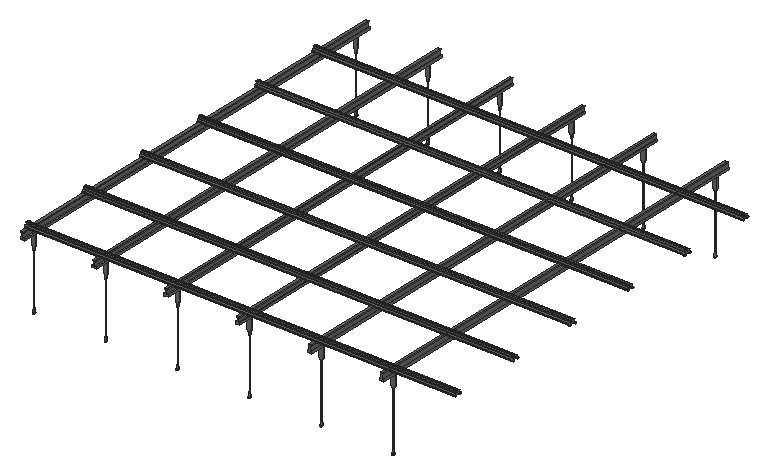
Revit family "MountingTrack_Soffit_Knotwood", category Specialty Equipment, host Face, Revit 2026
Family settings
  Host = Face
  Round Connector Dimension = Use Diameter
  Part Type = Normal
  Classification Number = 23.13.37.23.11
  Enable Cutting in Views = No
  Cut with Voids When Loaded = Yes
  Maintain Annotation Orientation = No
  Shared = No
  Room Calculation Point = Yes
Parameters (values of type "Black")
  Uniclass2015Version = "Products v1.23"
  Uniclass2015Title = "Metal hanging rails"
  Uniclass2015Code = "Pr_20_85_47_50"
  URL = "https://www.knotwood.com.au/"
  Type IFC Predefined Type = "NOTDEFINED"
  TrackSpacing [instance] = 500 mm
  TrackInset [instance] = 50 mm
  Suspended [instance] = not(DirectFix)  # yes
  SingleSuspendedTrack [instance] = and(Suspended, ManufacturerOverallWidth < TrackSpacing)  # no
  SingleRail [instance] = and(Suspended, ManufacturerOverallLength < RailSpacing)  # no
  SingleFixedTrack [instance] = and(DirectFix, ManufacturerOverallWidth < TrackSpacing)  # no
  RecommendedSuspensionLength = 1200 mm
  RailSpacing [instance] = 500 mm
  RailMaterial = Aluminium_Powdercoat_Knotwood_Textura_Black
  RailArray [instance] = if(CalcArrayRail < 2, 2, CalcArrayRail)  # 6
  ModifiedIssue = 20231214
  TrackMaterial = Aluminium_Powdercoat_Knotwood_Textura_Black
  Model = "KEBCFMT/KEBCSMT"
  ManufacturerURLProductSpecific = "https://www.knotwood.com.au/"
  ManufacturerSpecCode = Model  # "KEBCFMT/KEBCSMT"
  ManufacturerOverallWidth [instance] = if(DesiredWidth < 100 mm, 100 mm, DesiredWidth)  # 3000 mm
  ManufacturerOverallLength [instance] = if(DesiredLength < 100 mm, 100 mm, DesiredLength)  # 3000 mm
  ManufacturerOverallHeight [instance] = ActualSuspensionLength + 76 mm  # 576 mm
  Manufacturer = "Knotwood"
  IfcExportType = "NOTDEFINED"
  IfcExportAs = "ifcBuildingElement"
  TrackArray [instance] = if(CalcArrayTrack < 2, 2, CalcArrayTrack)  # 6
  Export Type to IFC As = "ifcBuildingElement"
  DirectFix [instance] = no
  Description = "Knotwood Mounted 50mm Mounting Tracks"
  CalcArrayTrack [instance] = if(or(ManufacturerOverallWidth = TrackSpacing, ManufacturerOverallWidth < TrackSpacing), 2, rounddown(ManufacturerOverallWidth / TrackSpacing))  # 6
  CalcArrayRail [instance] = if(or(ManufacturerOverallLength = RailSpacing, ManufacturerOverallLength < RailSpacing), 2, rounddown(ManufacturerOverallLength / RailSpacing))  # 6
  Assembly Code = "B3010500"
  ArrayFixedTrack [instance] = and(DirectFix, not(SingleFixedTrack))  # no
  DesiredWidth [instance] = 3000 mm
  DesiredSuspensionLength [instance] = 500 mm
  DesiredLength [instance] = 3000 mm
  Default Elevation = 0 mm
  CreatedByURL = "https://igsgroup.com.au"
  CreatedBy = "IGS BIM Solutions"  # constant formula
  ArraySuspendedTrack [instance] = and(Suspended, not(SingleSuspendedTrack))  # yes
  ArrayRail [instance] = and(Suspended, not(SingleRail))  # yes
  ActualSuspensionLength [instance] = if(DesiredSuspensionLength < 100 mm, 100 mm, if(DesiredSuspensionLength > RecommendedSuspensionLength, RecommendedSuspensionLength, DesiredSuspensionLength))  # 500 mm
Types (2, lengths in mm): name | Uniclass2015Title | RailMaterial | TrackMaterial
  White | "Metal hanging rail" | Aluminium_Powdercoat_Knotwood_Textura_White | Aluminium_Powdercoat_Knotwood_Textura_White
  Black | "Metal hanging rails" | Aluminium_Powdercoat_Knotwood_Textura_Black | Aluminium_Powdercoat_Knotwood_Textura_Black
Reference planes
  plane 1 "Center (Front/Back)": y = 0
  plane 2 "Ref. Level": z = 0
  plane 3 "Center (Left/Right)": x = 0
  plane 4 "Left": x = -1500
  plane 5 "Right": x = 1500
  plane 6 "Back": y = 1500
  plane 7 "Front": y = -1500
  plane 8 "Bottom": z = 0
  plane 9 "Center (Elevation)": z = 288
  plane 10 "Top": z = 576
  plane 11 "TrackInset1": y = -1450
  plane 12 "TrackInset2": y = 1450
  plane 13 "RailSpacing": x = -1000
  plane 14 "TrackSpacing": y = -950
Dimensions and locks
  "ManufacturerOverallHeight": plane 10 "Top" to plane 8 "Bottom"
  equal spacing: plane 10 "Top", plane 9 "Center (Elevation)", plane 8 "Bottom"
  plane 8 "Bottom" to plane 2 "Ref. Level" = 0 mm
  "ManufacturerOverallLength": plane 4 "Left" to plane 5 "Right"
  equal spacing: plane 4 "Left", plane 3 "Center (Left/Right)", plane 5 "Right"
  "ManufacturerOverallWidth": plane 7 "Front" to plane 6 "Back"
  equal spacing: plane 7 "Front", plane 1 "Center (Front/Back)", plane 6 "Back"
  "TrackInset": plane 7 "Front" to plane 11 "TrackInset1"
  "TrackInset": plane 12 "TrackInset2" to plane 6 "Back"
  equal spacing: group 1, group 2, group 7, group 8, group 9, group 10  (x3)
  "RailSpacing": plane 4 "Left" to plane 13 "RailSpacing"
  "TrackSpacing": plane 11 "TrackInset1" to plane 14 "TrackSpacing"
  equal spacing: group 3, group 4, group 11, group 12, group 13, group 14  (x3)
  equal spacing: group 5, group 6, group 15, group 16, group 17, group 18  (x3)
  aligned and locked: host face to plane 2 "Ref. Level"
  aligned and locked: host face to level
  aligned and locked: nested 1 to plane 8 "Bottom"
  aligned and locked: nested 1 to plane 6 "Back"
  aligned and locked: nested 2 to plane 4 "Left"
  aligned and locked: plane 8 "Bottom" to nested 3
  aligned and locked: nested 3 to plane 1 "Center (Front/Back)"
  aligned and locked: plane 5 "Right" to nested 3
  aligned and locked: plane 4 "Left" to nested 3
  aligned and locked: plane 5 "Right" to nested 4
  aligned and locked: nested 4 to plane 1 "Center (Front/Back)"
  aligned and locked: plane 6 "Back" to nested 2
  aligned and locked: plane 7 "Front" to nested 2  (x2)
  aligned and locked: nested 5 to plane 13 "RailSpacing"
  aligned and locked: nested 6 to plane 11 "TrackInset1"
  aligned and locked: nested 7 to plane 14 "TrackSpacing"
  aligned and locked: nested 8 to plane 11 "TrackInset1"
  aligned and locked: nested 9 to plane 14 "TrackSpacing"
  aligned and locked: plane 8 "Bottom" to nested 8
  aligned and locked: plane 8 "Bottom" to nested 9
  aligned and locked: nested 5 to plane 8 "Bottom"
  aligned and locked: nested 2 to plane 8 "Bottom"
  aligned and locked: plane 10 "Top" to nested 6
  aligned and locked: plane 10 "Top" to nested 7
  aligned and locked: nested 6 to plane 4 "Left"
  aligned and locked: nested 7 to plane 4 "Left"
  aligned and locked: plane 4 "Left" to nested 4
  aligned and locked: nested 4 to plane 4 "Left"
  aligned and locked: nested 1 to plane 7 "Front"
  aligned and locked: plane 7 "Front" to nested 5
  aligned and locked: nested 9 to plane 4 "Left"
  aligned and locked: nested 8 to plane 4 "Left"
  aligned and locked: nested 1 to plane 3 "Center (Left/Right)"
Automatic sketch dimensions
  host sketch curve to host sketch curve = 3500 mm  (x2)
Nested families
  nested 1: "Rail_Soffit_Knotwood" at (0, -1500, 0) x (0, 1, 0) z (0, 0, -1), DesiredSuspensionLength <- "DesiredSuspensionLength", RailMaterial <- "RailMaterial", ManufacturerOverallLength <- "ManufacturerOverallWidth", visible <- "SingleRail", type "Type 1"
    with TileMountHeightFromFFL -550 mm, RailMaterial Aluminium_Powdercoat_Knotwood_Textura_Black, ManufacturerOverallLength 3000 mm, ManufacturerOverallHeight 550 mm, ManufacturerHeightFromFFL 0 mm, DesiredSuspensionLength 500 mm, DesiredEndCableInset 100 mm, CrossrailOffsetCalc 500 mm, CableSpacing 2800 mm, CableCountCalc 2, CableCount 2, ActualSuspensionLength 500 mm, ActualEndCableInset 100 mm
  nested 2: "Rail_Soffit_Knotwood" at (-1475, -1500, 0) x (0, 1, 0) z (0, 0, -1), DesiredSuspensionLength <- "DesiredSuspensionLength", RailMaterial <- "RailMaterial", ManufacturerOverallLength <- "ManufacturerOverallWidth", visible <- "ArrayRail", type "Type 1"
    with TileMountHeightFromFFL -550 mm, RailMaterial Aluminium_Powdercoat_Knotwood_Textura_Black, ManufacturerOverallLength 3000 mm, ManufacturerOverallHeight 550 mm, ManufacturerHeightFromFFL 0 mm, DesiredSuspensionLength 500 mm, DesiredEndCableInset 100 mm, CrossrailOffsetCalc 500 mm, CableSpacing 2800 mm, CableCountCalc 2, CableCount 2, ActualSuspensionLength 500 mm, ActualEndCableInset 100 mm
  nested 3: "z_MountingTrack_Soffit_Knotwood_DirectFix" at (0, 0, 17) x (1, 0, 0) z (0, 0, -1), visible <- "SingleFixedTrack", Material <- "TrackMaterial", ManufacturerOverallWidth <- "ManufacturerOverallLength", type "KEBCFMT"
    with Material Aluminium_Powdercoat_Knotwood_Textura_Black, ManufacturerOverallWidth 3000 mm, ManufacturerHeightFromFFL 0 mm
  nested 4: "z_MountingTrack_Soffit_Knotwood_Suspended" at (0, 0, 576) x (1, 0, 0) z (0, 0, -1), Material <- "TrackMaterial", visible <- "SingleSuspendedTrack", ManufacturerOverallWidth <- "ManufacturerOverallLength", type "KEBCSMT"
    with Material Aluminium_Powdercoat_Knotwood_Textura_Black, ManufacturerOverallWidth 3000 mm, ManufacturerHeightFromFFL 0 mm
  nested 5: "Rail_Soffit_Knotwood" at (-975, -1500, 0) x (0, 1, 0) z (0, 0, -1), DesiredSuspensionLength <- "DesiredSuspensionLength", RailMaterial <- "RailMaterial", ManufacturerOverallLength <- "ManufacturerOverallWidth", visible <- "ArrayRail", type "Type 1"
    with TileMountHeightFromFFL -550 mm, RailMaterial Aluminium_Powdercoat_Knotwood_Textura_Black, ManufacturerOverallLength 3000 mm, ManufacturerOverallHeight 550 mm, ManufacturerHeightFromFFL 0 mm, DesiredSuspensionLength 500 mm, DesiredEndCableInset 100 mm, CrossrailOffsetCalc 500 mm, CableSpacing 2800 mm, CableCountCalc 2, CableCount 2, ActualSuspensionLength 500 mm, ActualEndCableInset 100 mm
  nested 6: "z_MountingTrack_Soffit_Knotwood_Suspended" at (0, -1428, 576) x (1, 0, 0) z (0, 0, -1), Material <- "TrackMaterial", visible <- "ArraySuspendedTrack", ManufacturerOverallWidth <- "ManufacturerOverallLength", type "KEBCSMT"
    with Material Aluminium_Powdercoat_Knotwood_Textura_Black, ManufacturerOverallWidth 3000 mm, ManufacturerHeightFromFFL 0 mm
  nested 7: "z_MountingTrack_Soffit_Knotwood_Suspended" at (0, -928, 576) x (1, 0, 0) z (0, 0, -1), Material <- "TrackMaterial", visible <- "ArraySuspendedTrack", ManufacturerOverallWidth <- "ManufacturerOverallLength", type "KEBCSMT"
    with Material Aluminium_Powdercoat_Knotwood_Textura_Black, ManufacturerOverallWidth 3000 mm, ManufacturerHeightFromFFL 0 mm
  nested 8: "z_MountingTrack_Soffit_Knotwood_DirectFix" at (0, -1427.5, 17) x (1, 0, 0) z (0, 0, -1), visible <- "ArrayFixedTrack", Material <- "TrackMaterial", ManufacturerOverallWidth <- "ManufacturerOverallLength", type "KEBCFMT"
    with Material Aluminium_Powdercoat_Knotwood_Textura_Black, ManufacturerOverallWidth 3000 mm, ManufacturerHeightFromFFL 0 mm
  nested 9: "z_MountingTrack_Soffit_Knotwood_DirectFix" at (0, -927.5, 17) x (1, 0, 0) z (0, 0, -1), visible <- "ArrayFixedTrack", Material <- "TrackMaterial", ManufacturerOverallWidth <- "ManufacturerOverallLength", type "KEBCFMT"
    with Material Aluminium_Powdercoat_Knotwood_Textura_Black, ManufacturerOverallWidth 3000 mm, ManufacturerHeightFromFFL 0 mm
  nested 10: "Rail_Soffit_Knotwood" at (-475, -1500, 0) x (0, 1, 0) z (0, 0, -1), DesiredSuspensionLength <- "DesiredSuspensionLength", RailMaterial <- "RailMaterial", ManufacturerOverallLength <- "ManufacturerOverallWidth", visible <- "ArrayRail", type "Type 1"
    with TileMountHeightFromFFL -550 mm, RailMaterial Aluminium_Powdercoat_Knotwood_Textura_Black, ManufacturerOverallLength 3000 mm, ManufacturerOverallHeight 550 mm, ManufacturerHeightFromFFL 0 mm, DesiredSuspensionLength 500 mm, DesiredEndCableInset 100 mm, CrossrailOffsetCalc 500 mm, CableSpacing 2800 mm, CableCountCalc 2, CableCount 2, ActualSuspensionLength 500 mm, ActualEndCableInset 100 mm
  nested 11: "Rail_Soffit_Knotwood" at (25, -1500, 0) x (0, 1, 0) z (0, 0, -1), DesiredSuspensionLength <- "DesiredSuspensionLength", RailMaterial <- "RailMaterial", ManufacturerOverallLength <- "ManufacturerOverallWidth", visible <- "ArrayRail", type "Type 1"
    with TileMountHeightFromFFL -550 mm, RailMaterial Aluminium_Powdercoat_Knotwood_Textura_Black, ManufacturerOverallLength 3000 mm, ManufacturerOverallHeight 550 mm, ManufacturerHeightFromFFL 0 mm, DesiredSuspensionLength 500 mm, DesiredEndCableInset 100 mm, CrossrailOffsetCalc 500 mm, CableSpacing 2800 mm, CableCountCalc 2, CableCount 2, ActualSuspensionLength 500 mm, ActualEndCableInset 100 mm
  nested 12: "Rail_Soffit_Knotwood" at (525, -1500, 0) x (0, 1, 0) z (0, 0, -1), DesiredSuspensionLength <- "DesiredSuspensionLength", RailMaterial <- "RailMaterial", ManufacturerOverallLength <- "ManufacturerOverallWidth", visible <- "ArrayRail", type "Type 1"
    with TileMountHeightFromFFL -550 mm, RailMaterial Aluminium_Powdercoat_Knotwood_Textura_Black, ManufacturerOverallLength 3000 mm, ManufacturerOverallHeight 550 mm, ManufacturerHeightFromFFL 0 mm, DesiredSuspensionLength 500 mm, DesiredEndCableInset 100 mm, CrossrailOffsetCalc 500 mm, CableSpacing 2800 mm, CableCountCalc 2, CableCount 2, ActualSuspensionLength 500 mm, ActualEndCableInset 100 mm
  nested 13: "Rail_Soffit_Knotwood" at (1025, -1500, 0) x (0, 1, 0) z (0, 0, -1), DesiredSuspensionLength <- "DesiredSuspensionLength", RailMaterial <- "RailMaterial", ManufacturerOverallLength <- "ManufacturerOverallWidth", visible <- "ArrayRail", type "Type 1"
    with TileMountHeightFromFFL -550 mm, RailMaterial Aluminium_Powdercoat_Knotwood_Textura_Black, ManufacturerOverallLength 3000 mm, ManufacturerOverallHeight 550 mm, ManufacturerHeightFromFFL 0 mm, DesiredSuspensionLength 500 mm, DesiredEndCableInset 100 mm, CrossrailOffsetCalc 500 mm, CableSpacing 2800 mm, CableCountCalc 2, CableCount 2, ActualSuspensionLength 500 mm, ActualEndCableInset 100 mm
  nested 14: "z_MountingTrack_Soffit_Knotwood_Suspended" at (0, -428, 576) x (1, 0, 0) z (0, 0, -1), Material <- "TrackMaterial", visible <- "ArraySuspendedTrack", ManufacturerOverallWidth <- "ManufacturerOverallLength", type "KEBCSMT"
    with Material Aluminium_Powdercoat_Knotwood_Textura_Black, ManufacturerOverallWidth 3000 mm, ManufacturerHeightFromFFL 0 mm
  nested 15: "z_MountingTrack_Soffit_Knotwood_Suspended" at (0, 72, 576) x (1, 0, 0) z (0, 0, -1), Material <- "TrackMaterial", visible <- "ArraySuspendedTrack", ManufacturerOverallWidth <- "ManufacturerOverallLength", type "KEBCSMT"
    with Material Aluminium_Powdercoat_Knotwood_Textura_Black, ManufacturerOverallWidth 3000 mm, ManufacturerHeightFromFFL 0 mm
  nested 16: "z_MountingTrack_Soffit_Knotwood_Suspended" at (0, 572, 576) x (1, 0, 0) z (0, 0, -1), Material <- "TrackMaterial", visible <- "ArraySuspendedTrack", ManufacturerOverallWidth <- "ManufacturerOverallLength", type "KEBCSMT"
    with Material Aluminium_Powdercoat_Knotwood_Textura_Black, ManufacturerOverallWidth 3000 mm, ManufacturerHeightFromFFL 0 mm
  nested 17: "z_MountingTrack_Soffit_Knotwood_Suspended" at (0, 1072, 576) x (1, 0, 0) z (0, 0, -1), Material <- "TrackMaterial", visible <- "ArraySuspendedTrack", ManufacturerOverallWidth <- "ManufacturerOverallLength", type "KEBCSMT"
    with Material Aluminium_Powdercoat_Knotwood_Textura_Black, ManufacturerOverallWidth 3000 mm, ManufacturerHeightFromFFL 0 mm
  nested 18: "z_MountingTrack_Soffit_Knotwood_DirectFix" at (0, -427.5, 17) x (1, 0, 0) z (0, 0, -1), visible <- "ArrayFixedTrack", Material <- "TrackMaterial", ManufacturerOverallWidth <- "ManufacturerOverallLength", type "KEBCFMT"
    with Material Aluminium_Powdercoat_Knotwood_Textura_Black, ManufacturerOverallWidth 3000 mm, ManufacturerHeightFromFFL 0 mm
  nested 19: "z_MountingTrack_Soffit_Knotwood_DirectFix" at (0, 72.5, 17) x (1, 0, 0) z (0, 0, -1), visible <- "ArrayFixedTrack", Material <- "TrackMaterial", ManufacturerOverallWidth <- "ManufacturerOverallLength", type "KEBCFMT"
    with Material Aluminium_Powdercoat_Knotwood_Textura_Black, ManufacturerOverallWidth 3000 mm, ManufacturerHeightFromFFL 0 mm
  nested 20: "z_MountingTrack_Soffit_Knotwood_DirectFix" at (0, 572.5, 17) x (1, 0, 0) z (0, 0, -1), visible <- "ArrayFixedTrack", Material <- "TrackMaterial", ManufacturerOverallWidth <- "ManufacturerOverallLength", type "KEBCFMT"
    with Material Aluminium_Powdercoat_Knotwood_Textura_Black, ManufacturerOverallWidth 3000 mm, ManufacturerHeightFromFFL 0 mm
  nested 21: "z_MountingTrack_Soffit_Knotwood_DirectFix" at (0, 1072.5, 17) x (1, 0, 0) z (0, 0, -1), visible <- "ArrayFixedTrack", Material <- "TrackMaterial", ManufacturerOverallWidth <- "ManufacturerOverallLength", type "KEBCFMT"
    with Material Aluminium_Powdercoat_Knotwood_Textura_Black, ManufacturerOverallWidth 3000 mm, ManufacturerHeightFromFFL 0 mm
Definition of nested family "Rail_Soffit_Knotwood"
  Parameters (values of type "Type 1")
    Uniclass2015Version = "Products v1.23"
    Uniclass2015Title = "Metal hanging rails"
    Uniclass2015Code = "Pr_20_85_47_50"
    URL = "https://www.knotwood.com.au/"
    Type IFC Predefined Type = "NOTDEFINED"
    TileMountHeightFromFFL [instance] = ManufacturerHeightFromFFL - ManufacturerOverallHeight  # 2150 mm
    RecommendedSuspensionLength = 1200 mm
    ModifiedIssue = 20231214
    ManufacturerOverallLength [instance] = 1800 mm
    ManufacturerOverallHeight [instance] = 550 mm
    ManufacturerOverallDepth = 50 mm  # constant formula
    ManufacturerHeightFromFFL [instance] = 2700 mm
    Manufacturer = "Knotwood"  # constant formula
    IfcExportType = "NOTDEFINED"
    IfcExportAs = "IfcBuildingElementProxy"
    Export Type to IFC As = "IfcBuildingElementProxy"
    DesiredEndCableInset [instance] = 100 mm
    DesiredSuspensionLength [instance] = 500 mm
    Default Elevation = 0 mm
    CrossrailOffsetCalc [instance] = ActualSuspensionLength  # 500 mm
    CreatedByURL = "https://igsgroup.com.au"
    CreatedBy = "IGS BIM Solutions"  # constant formula
    RailMaterial [instance] = none
    CableSpacing [instance] = (ManufacturerOverallLength - DesiredEndCableInset * 2) / (CableCountCalc - 1)  # 1600 mm
    CableCountCalc [instance] = if(CableCount < 2, 2, CableCount)  # 2
    CableCount [instance] = rounddown(ManufacturerOverallLength / 1200 mm)  # 1
    ActualSuspensionLength [instance] = if(DesiredSuspensionLength < 100 mm, 100 mm, if(DesiredSuspensionLength > RecommendedSuspensionLength, RecommendedSuspensionLength, DesiredSuspensionLength))  # 500 mm
    ActualEndCableInset [instance] = if(DesiredEndCableInset < 50 mm, 50 mm, if(DesiredEndCableInset > 600 mm, 600 mm, DesiredEndCableInset))  # 100 mm
  Reference planes
    plane 1 "Center (Front/Back)": y = 0
    plane 2 "Ref. Level": z = 0
    plane 3 "Left": x = 0
    plane 4 "Right": x = 1800
    plane 5 "FirstCable": x = 100
    plane 6 "LastCable": x = 1700
    plane 7 "Center (Left/Right)": x = 900
    plane 8 "Top": z = 2700
    plane 9 "TrackTop": z = 2200
    plane 10 "Bottom": z = 2150
    plane 11 "Back": y = 25
    plane 12 "Front": y = -25
  Forms (mm)
    Sweep 1, solid, material <- "RailMaterial"
      path origin (0, 0, 2200) x (-1, 0, 0) y (0, -1, 0)
        loop
          line (0, 0) -> (-1800, 0)
      profile origin (900, 0, 2200) x (0, 1, 0) y (0, 0, 1)
        loop
          line (10, -50) -> (10, -45) -> (5, -45) -> (5, -15) -> (15, -15) -> (15, 0) -> (-15, 0) -> (-15, -15) -> (-5, -15) -> (-5, -45) -> (-10, -45) -> (-10, -50) -> (10, -50)
  Lines and regions (mm)
    Masking region 1
      outline origin (0, 0, 0) x (1, 0, 0) y (0, 1, 0)
        loop
          line (0, 25) -> (0, -25) -> (1800, -25) -> (1800, 25) -> (0, 25)
  Dimensions and locks
    "ManufacturerOverallLength": plane 3 "Left" to plane 4 "Right"
    "ActualEndCableInset": plane 5 "FirstCable" to plane 3 "Left"
    "ActualEndCableInset": plane 4 "Right" to plane 6 "LastCable"
    equal spacing: plane 4 "Right", plane 7 "Center (Left/Right)", plane 3 "Left"
    group 1 to group 2 = 1600 mm
    group 1 to group 2 = 0 mm  (x2)
    plane 9 "TrackTop" to plane 10 "Bottom" = 50 mm
    "ManufacturerHeightFromFFL": plane 8 "Top" to plane 2 "Ref. Level"
    "CrossrailOffsetCalc": plane 8 "Top" to plane 9 "TrackTop"
    equal spacing: plane 12 "Front", plane 1 "Center (Front/Back)", plane 11 "Back"
    "ManufacturerOverallDepth": plane 12 "Front" to plane 11 "Back"
    aligned and locked: level to plane 2 "Ref. Level"
    aligned and locked: plane 3 "Left" to Sweep 1 sketch curve
    aligned and locked: plane 4 "Right" to Sweep 1 sketch curve
    aligned and locked: plane 1 "Center (Front/Back)" to Sweep 1 sketch curve
    aligned and locked: plane 9 "TrackTop" to nested 2
    aligned and locked: plane 6 "LastCable" to nested 2
    aligned and locked: nested 2 to plane 1 "Center (Front/Back)"
    aligned and locked: plane 5 "FirstCable" to nested 1
    aligned and locked: nested 1 to plane 1 "Center (Front/Back)"
    aligned and locked: nested 1 to plane 8 "Top"
    aligned and locked: plane 11 "Back" to Masking region 1 sketch curve
    aligned and locked: plane 3 "Left" to Masking region 1 sketch curve
    aligned and locked: Masking region 1 sketch curve to plane 12 "Front"
    aligned and locked: Masking region 1 sketch curve to plane 4 "Right"
  Automatic sketch dimensions
    Sweep 1 sketch curve to plane 9 "TrackTop" = 0 mm
    profile plane to Sweep 1 sketch curve = 10 mm
    Sweep 1 sketch curve to Sweep 1 sketch curve = 5 mm  (x3)
    Sweep 1 sketch curve to Sweep 1 sketch curve = 0 mm  (x2)
    profile plane to Sweep 1 sketch curve = 15 mm
    Sweep 1 sketch curve to Sweep 1 sketch curve = 30 mm
    Sweep 1 sketch curve to profile plane = 15 mm
    Sweep 1 sketch curve to plane 9 "TrackTop" = 15 mm
    Sweep 1 sketch curve to profile plane = 5 mm
  Nested families
    nested 1: "z_SuspensionCable_Knotwood" at (100, 0, 2200) x (0, 1, 0) z (0, 0, 1), Height <- "ActualSuspensionLength", type "Type 1"
      with Height 500 mm
    nested 2: "z_SuspensionCable_Knotwood" at (1700, 0, 2200) x (0, 1, 0) z (0, 0, 1), Height <- "ActualSuspensionLength", type "Type 1"
      with Height 500 mm
  Definition of nested family "z_SuspensionCable_Knotwood"
    Parameters (values of type "Type 1")
      URL = "https://www.knotwood.com.au/"
      Material = none
      Manufacturer = "Knotwood"
      Height [instance] = 500 mm
      Default Elevation = 1219.2 mm
    Reference planes
      plane 1 "Center (Front/Back)": y = 0
      plane 2 "Ref. Level": z = 0
      plane 3 "Center (Left/Right)": x = 0
      plane 4 "Top": z = 500
      plane 5 "RailConnector": z = 110
      plane 6 "CeilingConnector": z = 465
    Forms (mm)
      Extrusion 1, solid, material <- "Material"
        sketch origin (400, 0, 0) x (-1, 0, 0) y (0, -1, 0)
          loop
            circle (400, 0) r 0.65
        from 110 to 465
      Revolve 2, solid, material <- "Material"
        sketch origin (0, 0, -6.8) x (-1, 0, 0) y (0, 0, 1)
          loop
            line (-2, 476.8) -> (-2, 471.8) -> (0, 471.8) -> (0, 506.8) -> (-8, 506.8) -> (-8, 504.3) -> (-4.5, 504.3) -> (-4.5, 501.3) -> (-6, 501.3)
            arc (-6, 501.3) -> (-5.247, 488.958) -> (-3, 476.8) r 101.542
            line (-3, 476.8) -> (-2, 476.8)
          axis (0, 506.8) -> (0, 471.8)
        angle from 0 to 360
      Extrusion 3, solid, material <- "Material"
        sketch origin (0, 0, 0) x (1, 0, 0) y (0, 0, 1)
          loop
            line (-5, 110) -> (-5, 95) -> (-15, 75) -> (-15, 0) -> (15, 0) -> (15, 75) -> (5, 95) -> (5, 110) -> (-5, 110)
        from -1 to 1
    Lines and regions (mm)
      Masking region 1
        outline origin (0, 0, 0) x (1, 0, 0) y (0, 1, 0)
          loop
            circle (0, 0) r 8
    Dimensions and locks
      "Height": plane 4 "Top" to plane 2 "Ref. Level"
      locked: plane 5 "RailConnector" to plane 2 "Ref. Level" at 110
      locked: plane 4 "Top" to plane 6 "CeilingConnector" at 35
      aligned and locked: level to plane 2 "Ref. Level"
      aligned and locked: Extrusion 1 to plane 5 "RailConnector"
      aligned and locked: Extrusion 1 to plane 6 "CeilingConnector"
      aligned and locked: plane 4 "Top" to Revolve 2 sketch curve
      aligned and locked: Revolve 2 sketch curve to plane 6 "CeilingConnector"
      aligned and locked: plane 2 "Ref. Level" to Extrusion 3 sketch curve
      aligned and locked: Extrusion 3 sketch curve to plane 5 "RailConnector"
    Automatic sketch dimensions
      plane 1 "Center (Front/Back)" to Extrusion 1 sketch curve = 0 mm
      Extrusion 1 sketch curve to plane 3 "Center (Left/Right)" = 0 mm
      Revolve 2 sketch curve to plane 3 "Center (Left/Right)" = 0 mm  (x2)
      Revolve 2 sketch curve to Revolve 2 sketch curve = 2 mm
      Revolve 2 sketch curve to Revolve 2 sketch curve = 1 mm
      Revolve 2 sketch curve to plane 3 "Center (Left/Right)" = 4.5 mm
      Revolve 2 sketch curve to Revolve 2 sketch curve = 1.5 mm
      Revolve 2 sketch curve to Revolve 2 sketch curve = 3.5 mm
      plane 3 "Center (Left/Right)" to Revolve 2 sketch curve = 95.542 mm
      Revolve 2 sketch curve to Revolve 2 sketch curve = 5 mm
      Revolve 2 sketch curve to Revolve 2 sketch curve = 3 mm
      Revolve 2 sketch curve to Revolve 2 sketch curve = 2.5 mm
      Revolve 2 sketch curve to Revolve 2 sketch curve = 10.121 mm
      Revolve 2 sketch curve to Revolve 2 sketch curve = 15.121 mm
      Extrusion 3 sketch curve to plane 3 "Center (Left/Right)" = 5 mm
      plane 3 "Center (Left/Right)" to Extrusion 3 sketch curve = 5 mm
      Extrusion 3 sketch curve to Extrusion 3 sketch curve = 35 mm
      Extrusion 3 sketch curve to plane 5 "RailConnector" = 15 mm
      Extrusion 3 sketch curve to Extrusion 3 sketch curve = 0 mm
      Extrusion 3 sketch curve to Extrusion 3 sketch curve = 20 mm
      plane 3 "Center (Left/Right)" to Extrusion 3 sketch curve = 15 mm
      Extrusion 3 sketch curve to plane 3 "Center (Left/Right)" = 15 mm
      plane 1 "Center (Front/Back)" to Masking region 1 sketch curve = 0 mm
      Masking region 1 sketch curve to plane 3 "Center (Left/Right)" = 0 mm
      radius of Extrusion 1 sketch curve = 0.65 mm
      radius of Masking region 1 sketch curve = 8 mm
Definition of nested family "z_MountingTrack_Soffit_Knotwood_DirectFix"
  Parameters (values of type "KEBCFMT")
    Uniclass2015Version = ""
    Uniclass2015Title = ""
    Uniclass2015Code = ""
    URL = "https://www.knotwood.com.au/"
    ModifiedIssue = 20231214
    Model = "KEBCFMT"
    Material [instance] = none
    ManufacturerURLProductSpecific = ""
    ManufacturerSpecCode = Model  # "KEBCFMT"
    ManufacturerOverallWidth [instance] = 1000 mm
    ManufacturerOverallHeight = 17 mm  # constant formula
    ManufacturerOverallDepth = 45 mm  # constant formula
    ManufacturerHeightFromFFL [instance] = 0 mm
    Manufacturer = "Knotwood"  # constant formula
    IfcExportType = ""
    IfcExportAs = ""
    Default Elevation = 0 mm
    CreatedByURL = "https://igsgroup.com.au"
    CreatedBy = "IGS BIM Solutions"  # constant formula
  Reference planes
    plane 1 "Center (Front/Back)": y = 0
    plane 2 "Ref. Level": z = 0
    plane 3 "Centre (Left/Right)": x = 0
    plane 4 "Back": y = 22.5
    plane 5 "Front": y = -22.5
    plane 6 "Right": x = 500
    plane 7 "Left": x = -500
    plane 8 "Bottom": z = 0
    plane 9 "Centre (Elevation)": z = 8.5
    plane 10 "Top": z = 17
  Forms (mm)
    Extrusion 1, solid, material <- "Material"
      sketch origin (0, 22.5, 217) x (0, -1, 0) y (0, 0, -1)
        loop
          line (0, 200) -> (45, 200) -> (45, 201) -> (28.5, 201) -> (28.5, 216) -> (32.5, 216) -> (32.5, 217) -> (27.975, 217)
          arc (27.975, 217) -> (26.561, 216.414) -> (25.975, 215) r 2
          line (25.975, 215) -> (27.5, 215) -> (27.5, 209) -> (17.5, 209) -> (17.5, 215) -> (19, 215)
          arc (19, 215) -> (18.414, 216.414) -> (17, 217) r 2
          line (17, 217) -> (12.5, 217) -> (12.5, 216) -> (16.5, 216) -> (16.5, 201) -> (0, 201) -> (0, 200)
        loop
          line (27.5, 201) -> (27.5, 208) -> (17.5, 208) -> (17.5, 201) -> (27.5, 201)
      from -500 to 500
  Lines and regions (mm)
    Masking region 1
      outline origin (0, 0, 0) x (1, 0, 0) y (0, 1, 0)
        loop
          line (-500, 22.5) -> (-500, -22.5) -> (500, -22.5) -> (500, 22.5) -> (-500, 22.5)
  Text (mm)
    text "Disclaimer:\nDue to ongoing product development and manufacturing \nevolution, product details are subject to change without \nnotice. Please refer to product technical data sheets on \nthe manufacturers website for the most current product \ninformation. Please allow a +/- 5mm manufacturing \ntolerance for dimensions and set-outs shown in product \nliterature." at (985.527, 159.228, 0), in view "Ref. Level"
  Dimensions and locks
    equal spacing: plane 7 "Left", plane 3 "Centre (Left/Right)", plane 6 "Right"
    "ManufacturerOverallWidth": plane 7 "Left" to plane 6 "Right"
    equal spacing: plane 5 "Front", plane 1 "Center (Front/Back)", plane 4 "Back"
    "ManufacturerOverallDepth": plane 5 "Front" to plane 4 "Back"
    equal spacing: plane 10 "Top", plane 9 "Centre (Elevation)", plane 8 "Bottom"
    "ManufacturerOverallHeight": plane 10 "Top" to plane 8 "Bottom"
    "ManufacturerHeightFromFFL": plane 8 "Bottom" to plane 2 "Ref. Level"
    aligned and locked: level to plane 2 "Ref. Level"
    aligned and locked: plane 6 "Right" to Extrusion 1
    aligned and locked: Extrusion 1 to plane 7 "Left"
    aligned and locked: Masking region 1 sketch curve to Extrusion 1  (x4)
  Automatic sketch dimensions
    plane 8 "Bottom" to Extrusion 1 sketch curve = 0 mm  (x2)
    plane 10 "Top" to Extrusion 1 sketch curve = 0 mm
    Extrusion 1 sketch curve to plane 1 "Center (Front/Back)" = 10 mm
    Extrusion 1 sketch curve to plane 8 "Bottom" = 1 mm  (x2)
    Extrusion 1 sketch curve to Extrusion 1 sketch curve = 4 mm  (x2)
    Extrusion 1 sketch curve to Extrusion 1 sketch curve = 0.5 mm  (x2)
    Extrusion 1 sketch curve to Extrusion 1 sketch curve = 1 mm  (x2)
    Extrusion 1 sketch curve to Extrusion 1 sketch curve = 1.5 mm
    Extrusion 1 sketch curve to plane 8 "Bottom" = 2 mm
    plane 1 "Center (Front/Back)" to Extrusion 1 sketch curve = 3.475 mm
    plane 9 "Centre (Elevation)" to Extrusion 1 sketch curve = 0.5 mm
    plane 1 "Center (Front/Back)" to Extrusion 1 sketch curve = 5 mm  (x2)
    plane 10 "Top" to Extrusion 1 sketch curve = 1 mm
    Extrusion 1 sketch curve to Extrusion 1 sketch curve = 0.525 mm
    Extrusion 1 sketch curve to Extrusion 1 sketch curve = 0 mm
    Extrusion 1 sketch curve to plane 9 "Centre (Elevation)" = 0.5 mm
    Extrusion 1 sketch curve to plane 4 "Back" = 0 mm
    Extrusion 1 sketch curve to plane 5 "Front" = 0 mm
Definition of nested family "z_MountingTrack_Soffit_Knotwood_Suspended"
  Parameters (values of type "KEBCSMT")
    Uniclass2015Version = ""
    Uniclass2015Title = ""
    Uniclass2015Code = ""
    URL = "https://www.knotwood.com.au/"
    ModifiedIssue = 20231214
    Model = "KEBCSMT"
    Material [instance] = none
    ManufacturerURLProductSpecific = ""
    ManufacturerSpecCode = Model  # "KEBCSMT"
    ManufacturerOverallWidth [instance] = 1000 mm
    ManufacturerOverallHeight = 31 mm  # constant formula
    ManufacturerOverallDepth = 44 mm  # constant formula
    ManufacturerHeightFromFFL [instance] = 0 mm
    Manufacturer = "Knotwood"  # constant formula
    IfcExportType = ""
    IfcExportAs = ""
    Default Elevation = 0 mm
    CreatedByURL = "https://igsgroup.com.au"
    CreatedBy = "IGS BIM Solutions"  # constant formula
  Reference planes
    plane 1 "Center (Front/Back)": y = 0
    plane 2 "Ref. Level": z = 0
    plane 3 "Centre (Left/Right)": x = 0
    plane 4 "Back": y = 22
    plane 5 "Front": y = -22
    plane 6 "Right": x = 500
    plane 7 "Left": x = -500
    plane 8 "Bottom": z = 0
    plane 9 "Centre (Elevation)": z = 15.5
    plane 10 "Top": z = 31
  Forms (mm)
    Extrusion 1, solid, material <- "Material"
      sketch origin (0, 22.5, 31) x (0, -1, 0) y (0, 0, -1)
        loop
          line (12.5, 31) -> (12.5, 30) -> (16.5, 30) -> (16.5, 14.564) -> (11.3, 14.564)
          arc (11.3, 14.564) -> (5.077, 11.986) -> (2.5, 5.764) r 8.8
          line (2.5, 5.764) -> (2.5, 3.006) -> (0.5, 3.006) -> (2.5, 0) -> (3.701, 0) -> (2.366, 2.006) -> (3.5, 2.006) -> (3.5, 5.764)
          arc (3.5, 5.764) -> (5.785, 11.279) -> (11.3, 13.564) r 7.8
          line (11.3, 13.564) -> (17.5, 13.564) -> (17.5, 22) -> (27.5, 22) -> (27.5, 13.564) -> (33.7, 13.564)
          arc (33.7, 13.564) -> (39.215, 11.279) -> (41.5, 5.764) r 7.8
          line (41.5, 5.764) -> (41.5, 2.006) -> (42.634, 2.006) -> (41.299, 0) -> (42.5, 0) -> (44.5, 3.006) -> (42.5, 3.006) -> (42.5, 5.764)
          arc (42.5, 5.764) -> (39.923, 11.986) -> (33.7, 14.564) r 8.8
          line (33.7, 14.564) -> (28.5, 14.564) -> (28.5, 30) -> (32.5, 30) -> (32.5, 31) -> (27.975, 31)
          arc (27.975, 31) -> (26.561, 30.414) -> (25.975, 29) r 2
          line (25.975, 29) -> (27.5, 29) -> (27.5, 23) -> (17.5, 23) -> (17.5, 29) -> (19, 29)
          arc (19, 29) -> (18.414, 30.414) -> (17, 31) r 2
          line (17, 31) -> (12.5, 31)
      from -500 to 500
  Lines and regions (mm)
    Masking region 1
      outline origin (0, 0, 0) x (1, 0, 0) y (0, 1, 0)
        loop
          line (-500, 22) -> (-500, -22) -> (500, -22) -> (500, 22) -> (-500, 22)
    symbolic lines
      curve 1: line (-500, 5, 0) -> (500, 5, 0)
      curve 2: line (500, -5, 0) -> (-500, -5, 0)
      curve 3: line (-500, 19, 0) -> (500, 19, 0)
      curve 4: line (500, -19, 0) -> (-500, -19, 0)
  Text (mm)
    text "Disclaimer:\nDue to ongoing product development and manufacturing \nevolution, product details are subject to change without \nnotice. Please refer to product technical data sheets on \nthe manufacturers website for the most current product \ninformation. Please allow a +/- 5mm manufacturing \ntolerance for dimensions and set-outs shown in product \nliterature." at (985.527, 159.228, 0), in view "Ref. Level"
  Dimensions and locks
    equal spacing: plane 7 "Left", plane 3 "Centre (Left/Right)", plane 6 "Right"
    "ManufacturerOverallWidth": plane 7 "Left" to plane 6 "Right"
    equal spacing: plane 5 "Front", plane 1 "Center (Front/Back)", plane 4 "Back"
    "ManufacturerOverallDepth": plane 5 "Front" to plane 4 "Back"
    equal spacing: plane 10 "Top", plane 9 "Centre (Elevation)", plane 8 "Bottom"
    "ManufacturerOverallHeight": plane 10 "Top" to plane 8 "Bottom"
    "ManufacturerHeightFromFFL": plane 8 "Bottom" to plane 2 "Ref. Level"
    aligned and locked: level to plane 2 "Ref. Level"
    aligned and locked: plane 6 "Right" to Extrusion 1
    aligned and locked: Extrusion 1 to plane 7 "Left"
    aligned and locked: Masking region 1 sketch curve to Extrusion 1  (x4)
    aligned and locked: plane 6 "Right" to curve 4
    aligned and locked: plane 6 "Right" to curve 2
    aligned and locked: plane 6 "Right" to curve 1
    aligned and locked: plane 6 "Right" to curve 3
    aligned and locked: plane 7 "Left" to curve 4
    aligned and locked: plane 7 "Left" to curve 2
    aligned and locked: plane 7 "Left" to curve 1
    aligned and locked: plane 7 "Left" to curve 3
  Automatic sketch dimensions
    Extrusion 1 sketch curve to Extrusion 1 sketch curve = 0 mm  (x6)
    Extrusion 1 sketch curve to plane 4 "Back" = 0 mm
    plane 10 "Top" to Extrusion 1 sketch curve = 0 mm  (x2)
    plane 8 "Bottom" to Extrusion 1 sketch curve = 0 mm  (x2)
    Extrusion 1 sketch curve to plane 5 "Front" = 0 mm
    plane 4 "Back" to Extrusion 1 sketch curve = 1.866 mm
    Extrusion 1 sketch curve to Extrusion 1 sketch curve = 0.134 mm  (x2)
    plane 4 "Back" to Extrusion 1 sketch curve = 2 mm
    Extrusion 1 sketch curve to Extrusion 1 sketch curve = 1.134 mm
    Extrusion 1 sketch curve to Extrusion 1 sketch curve = 1.201 mm  (x2)
    Extrusion 1 sketch curve to Extrusion 1 sketch curve = 7.8 mm
    Extrusion 1 sketch curve to plane 1 "Center (Front/Back)" = 10 mm
    Extrusion 1 sketch curve to plane 9 "Centre (Elevation)" = 0.936 mm  (x2)
    Extrusion 1 sketch curve to Extrusion 1 sketch curve = 5.2 mm  (x2)
    Extrusion 1 sketch curve to Extrusion 1 sketch curve = 0.5 mm
    Extrusion 1 sketch curve to plane 1 "Center (Front/Back)" = 5 mm
    Extrusion 1 sketch curve to Extrusion 1 sketch curve = 1.5 mm
    Extrusion 1 sketch curve to plane 8 "Bottom" = 2 mm
    plane 1 "Center (Front/Back)" to Extrusion 1 sketch curve = 3.475 mm
    Extrusion 1 sketch curve to Extrusion 1 sketch curve = 0.475 mm
    Extrusion 1 sketch curve to Extrusion 1 sketch curve = 1 mm  (x4)
    Extrusion 1 sketch curve to plane 8 "Bottom" = 1 mm  (x2)
    Extrusion 1 sketch curve to Extrusion 1 sketch curve = 4 mm
    Extrusion 1 sketch curve to plane 9 "Centre (Elevation)" = 1.936 mm
    Extrusion 1 sketch curve to plane 5 "Front" = 3.201 mm
    Extrusion 1 sketch curve to Extrusion 1 sketch curve = 0.201 mm
    plane 10 "Top" to Extrusion 1 sketch curve = 2.006 mm  (x2)
    plane 9 "Centre (Elevation)" to Extrusion 1 sketch curve = 6.5 mm
    curve 4 to plane 5 "Front" = 3 mm
    plane 1 "Center (Front/Back)" to curve 2 = 5 mm
    curve 1 to plane 1 "Center (Front/Back)" = 5 mm
    plane 4 "Back" to curve 3 = 3 mm
